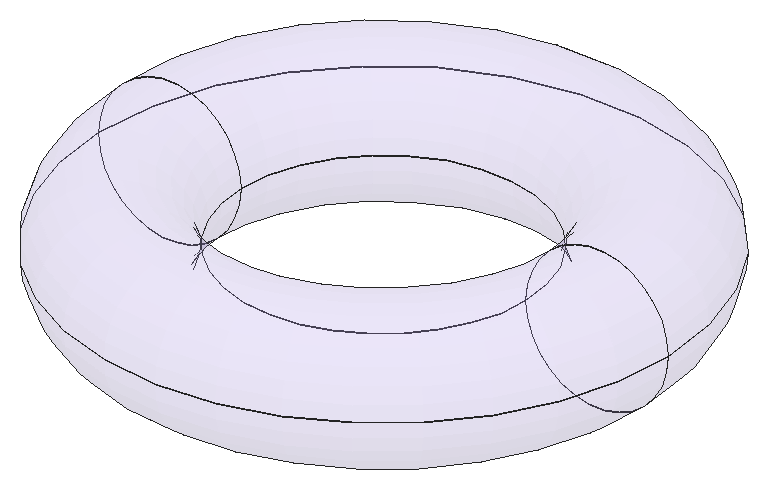
Revit family
Parameters
  Radius [instance] = 1500 mm
  Path Radius [instance] = 4500 mm
  Mass Material [instance] = Default Mass
  Default Elevation = 1200 mm
Reference planes
  plane 1 "Center (Front/Back)": y = 12.955
  plane 2: z = 0
  plane 3 "Center (Left/Right)": x = -30.261
  plane 4: y = 4512.955
  plane 5: x = 4469.739
  plane 6: x = -4530.261
  plane 7: y = -4487.045
  plane 8: z = 1500
  plane 9: z = -1500
Forms (mm)
  Sweep 1, solid, material "Default Mass" <- "Mass Material"
    path origin (0, 0, 0) x (1, 0, 0) y (0, 1, 0)
      loop
        circle (-30.261, 12.955) r 4500
    profile origin (-30.261, 4512.955, 0) x (0, -1, 0) y (0, 0, 1)
      loop
        circle (0, 0) r 1500
Dimensions and locks
  locked: plane 2 to level
  locked: plane 4 to profile plane at 0
  "Path Radius": plane 4 to plane 1 "Center (Front/Back)"
  "Path Radius": plane 1 "Center (Front/Back)" to plane 7
  "Path Radius": plane 3 "Center (Left/Right)" to plane 5
  "Path Radius": plane 6 to plane 3 "Center (Left/Right)"
  "Radius": plane 8 to plane 2
  "Radius": plane 2 to plane 9
  "Path Radius": radius of Sweep 1 sketch curve
  "Radius": radius of Sweep 1 sketch curve
Automatic sketch dimensions
  Sweep 1 sketch curve to plane 1 "Center (Front/Back)" = 0 mm
  Sweep 1 sketch curve to plane 3 "Center (Left/Right)" = 0 mm
  Sweep 1 sketch curve to level = 0 mm
  Sweep 1 sketch curve to profile plane = 0 mm
